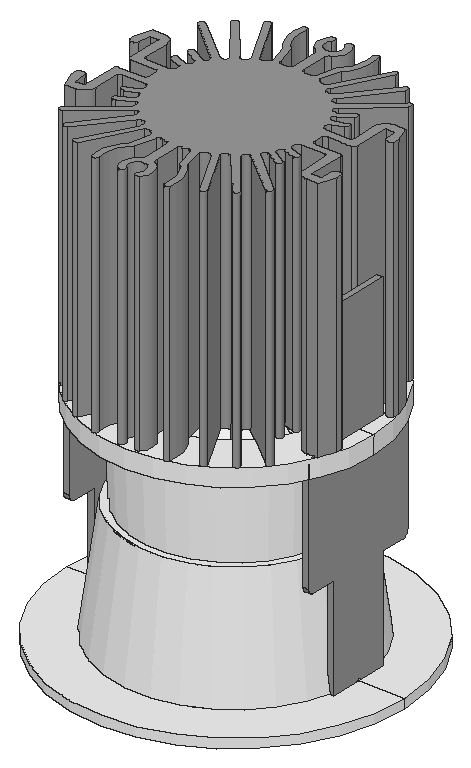
Revit family "Artemide_Everything_55", category Lighting Fixtures, Revit 2018 (continued)
Types (72, lengths in mm): name | Wattage | V_Square | V_Round | Radius_RoundVoidReal | Photometric Web File | built-in parameter 1150142 | M_Louvre | M_HousingLed | built-in parameter 1150105 | Lumens | built-in parameter 1150107 | built-in parameter 1150106 | Product Model Number | Overall Width | Overall Height | Output Lumens Direct light | Input Lumens Direct light | Initial Lumens | IES Files  | Housing Colour  | Face Shape | Efficiency | built-in parameter 1150104 | Distance_SquareVoidReal | Cut Out Length | Colour Temperature | Angle_LightReal | Angle_LightRange | Angle_Light | Adjustable
  Everything_55_Square_20°_2700K_Silver_NL4204218Y002 | 8.5 W | yes | no | 0.3 | "NL4204218Y002.IES" | "IESNA:LM-63-2002\r\n[TEST] FTS1602968\r\n[TESTLAB] ARTEMIDE\r\n[TESTDATE] 17 Feb 2015\r\n[ISSUEDATE] 17 Feb 2015\r\n[MANUFAC] ARTEMIDE\r\n[LUMCAT] NL4204218Y002\r\n[LUMINAIRE] Everything 55 700mA square20° - cornice grigia - 2700K\r\n[FLASHAREA] 0.000233\r\n[LAMPCAT] LED Flux=755lm  LED Power=8,5W Eff=84% EfcLed=89lm/W EfcLum=75lm/W CCT=2700K Ra=80 SDCM=2 L70(6K)=51400h\r\n[LAMP] LED Flux=755lm  LED Power=8,5W Eff=84% EfcLed=89lm/W EfcLum=75lm/W CCT=2700K Ra=80 SDCM=2 L70(6K)=51400h\r\nTILT=NONE\r\n1 634.00 1.0 91 1 1 2 -0.035 -0.035 0.000\r\n1.00 1.00 8.50\r\n0.00 1.00 2.00 3.00 4.00 5.00 6.00 7.00 8.00 9.00 10.00 \r\n11.00 12.00 13.00 14.00 15.00 16.00 17.00 18.00 19.00 \r\n20.00 21.00 22.00 23.00 24.00 25.00 26.00 27.00 28.00 \r\n29.00 30.00 31.00 32.00 33.00 34.00 35.00 36.00 37.00 \r\n38.00 39.00 40.00 41.00 42.00 43.00 44.00 45.00 46.00 \r\n47.00 48.00 49.00 50.00 51.00 52.00 53.00 54.00 55.00 \r\n56.00 57.00 58.00 59.00 60.00 61.00 62.00 63.00 64.00 \r\n65.00 66.00 67.00 68.00 69.00 70.00 71.00 72.00 73.00 \r\n74.00 75.00 76.00 77.00 78.00 79.00 80.00 81.00 82.00 \r\n83.00 84.00 85.00 86.00 87.00 88.00 89.00 90.00 \r\n0.00 \r\n5066.58 5031.07 4915.62 4728.60 4483.87 4201.78 3894.24 \r\n3567.20 3228.87 2880.19 2529.62 2181.85 1821.91 1479.63 \r\n1158.49 881.87 651.64 469.51 333.38 233.90 163.81 115.59 \r\n83.53 62.72 48.41 37.91 30.02 23.60 18.90 15.30 12.74 \r\n10.96 9.25 7.13 5.03 3.44 2.41 2.03 1.59 1.14 0.69 0.50 \r\n0.36 0.26 0.00 0.00 0.00 0.00 0.00 0.00 0.00 0.00 0.00 \r\n0.00 0.00 0.00 0.00 0.00 0.00 0.00 0.00 0.00 0.00 0.00 \r\n0.00 0.00 0.00 0.00 0.00 0.00 0.00 0.00 0.00 0.00 0.00 \r\n0.00 0.00 0.00 0.00 0.00 0.00 0.00 0.00 0.00 0.00 0.00 \r\n0.00 0.00 0.00 0.00 0.00 \r\n" | Artemide_Aluminum_BrushedSilver | Artemide_Aluminum_BrushedSilver | 53.605 (stored number, unit not read) | 673.625 lm | 2700 (stored number, unit not read) | 0.53605 (stored number, unit not read) | "NL4204218Y002" | 55 | 98 | 634 | 755 | 634 | "https://www.artemide.com/product/downloadFile/4350800/ieseu/4916436" | "Silver" | "Square" | 84 | 7.3626 (stored number, unit not read) | 40.48 | 98 | 2700 | 90.00° | 60.00° | 60.00° | no
  Everything_55_Square_34°_2700K_White_NL4204234Y006 | 8.5 W | yes | no | 0.3 | "NL4204234Y006.IES" | "IESNA:LM-63-2002\r\n[TEST] FTS1602967\r\n[TESTLAB] ARTEMIDE\r\n[TESTDATE] 17 Feb 2015\r\n[ISSUEDATE] 17 Feb 2015\r\n[MANUFAC] ARTEMIDE\r\n[LUMCAT] NL4204234Y006\r\n[LUMINAIRE] Everything 55 700mA square34° - cornice bianca - 2700K\r\n[FLASHAREA] 0.000233\r\n[LAMPCAT] LED Flux=755lm  LED Power=8,5W Eff=78% EfcLed=89lm/W EfcLum=69lm/W CCT=2700K Ra=80 SDCM=2 L70(6K)=51400h\r\n[LAMP] LED Flux=755lm  LED Power=8,5W Eff=78% EfcLed=89lm/W EfcLum=69lm/W CCT=2700K Ra=80 SDCM=2 L70(6K)=51400h\r\nTILT=NONE\r\n1 589.00 1.0 91 1 1 2 -0.035 -0.035 0.000\r\n1.00 1.00 8.50\r\n0.00 1.00 2.00 3.00 4.00 5.00 6.00 7.00 8.00 9.00 10.00 \r\n11.00 12.00 13.00 14.00 15.00 16.00 17.00 18.00 19.00 \r\n20.00 21.00 22.00 23.00 24.00 25.00 26.00 27.00 28.00 \r\n29.00 30.00 31.00 32.00 33.00 34.00 35.00 36.00 37.00 \r\n38.00 39.00 40.00 41.00 42.00 43.00 44.00 45.00 46.00 \r\n47.00 48.00 49.00 50.00 51.00 52.00 53.00 54.00 55.00 \r\n56.00 57.00 58.00 59.00 60.00 61.00 62.00 63.00 64.00 \r\n65.00 66.00 67.00 68.00 69.00 70.00 71.00 72.00 73.00 \r\n74.00 75.00 76.00 77.00 78.00 79.00 80.00 81.00 82.00 \r\n83.00 84.00 85.00 86.00 87.00 88.00 89.00 90.00 \r\n0.00 \r\n1657.71 1656.22 1649.84 1636.92 1617.68 1591.87 1559.63 \r\n1519.56 1472.54 1418.01 1358.35 1292.45 1221.23 1145.68 \r\n1067.70 988.91 908.99 830.74 758.71 688.37 619.27 553.74 \r\n488.92 428.14 368.82 313.24 261.80 215.07 168.29 123.76 \r\n93.21 74.07 60.04 49.49 40.45 33.19 26.64 21.11 16.62 \r\n12.99 10.45 8.95 7.94 6.93 6.45 5.97 5.73 5.49 5.08 4.67 \r\n4.35 4.04 3.98 3.93 3.88 3.77 3.34 2.75 2.37 1.99 1.77 \r\n1.51 1.32 0.00 0.00 0.00 0.00 0.00 0.00 0.00 0.00 0.00 \r\n0.00 0.00 0.00 0.00 0.00 0.00 0.00 0.00 0.00 0.00 0.00 \r\n0.00 0.00 0.00 0.00 0.00 0.00 0.00 0.00 \r\n" | Artemide_Aluminum_White | Artemide_Aluminum_White | 49.797 (stored number, unit not read) | 625.77 lm | 2700 (stored number, unit not read) | 0.49797 (stored number, unit not read) | "NL4204234Y006" | 55 | 98 | 589 | 755 | 589 | "https://www.artemide.com/product/downloadFile/4351008/ieseu/4916619" | "White" | "Square" | 78 | 6.8395 (stored number, unit not read) | 40.48 | 98 | 2700 | 90.00° | 60.00° | 60.00° | no
  Everything_55_Square_34°_2700K_Black_NL4204234Y004 | 8.5 W | yes | no | 0.3 | "NL4204234Y004.IES" | "IESNA:LM-63-2002\r\n[TEST] FTS1602971\r\n[TESTLAB] ARTEMIDE\r\n[TESTDATE] 16 Feb 2015\r\n[ISSUEDATE] 16 Feb 2015\r\n[MANUFAC] ARTEMIDE\r\n[LUMCAT] NL4204234Y004\r\n[LUMINAIRE] Everything 55 700mA square34° - cornice nera - 2700K\r\n[FLASHAREA] 0.000233\r\n[LAMPCAT] LED Flux=755lm  LED Power=8,5W Eff=75% EfcLed=89lm/W EfcLum=67lm/W CCT=2700K Ra=80 SDCM=2 L70(6K)=51400h\r\n[LAMP] LED Flux=755lm  LED Power=8,5W Eff=75% EfcLed=89lm/W EfcLum=67lm/W CCT=2700K Ra=80 SDCM=2 L70(6K)=51400h\r\nTILT=NONE\r\n1 566.00 1.0 91 1 1 2 -0.035 -0.035 0.000\r\n1.00 1.00 8.50\r\n0.00 1.00 2.00 3.00 4.00 5.00 6.00 7.00 8.00 9.00 10.00 \r\n11.00 12.00 13.00 14.00 15.00 16.00 17.00 18.00 19.00 \r\n20.00 21.00 22.00 23.00 24.00 25.00 26.00 27.00 28.00 \r\n29.00 30.00 31.00 32.00 33.00 34.00 35.00 36.00 37.00 \r\n38.00 39.00 40.00 41.00 42.00 43.00 44.00 45.00 46.00 \r\n47.00 48.00 49.00 50.00 51.00 52.00 53.00 54.00 55.00 \r\n56.00 57.00 58.00 59.00 60.00 61.00 62.00 63.00 64.00 \r\n65.00 66.00 67.00 68.00 69.00 70.00 71.00 72.00 73.00 \r\n74.00 75.00 76.00 77.00 78.00 79.00 80.00 81.00 82.00 \r\n83.00 84.00 85.00 86.00 87.00 88.00 89.00 90.00 \r\n0.00 \r\n1619.92 1616.59 1613.26 1602.38 1585.79 1562.82 1533.51 \r\n1496.10 1451.37 1398.36 1339.63 1275.17 1203.93 1129.84 \r\n1051.46 971.98 893.37 816.74 743.93 673.69 606.67 541.23 \r\n477.02 417.03 358.13 302.72 251.55 203.91 155.25 113.32 \r\n85.08 66.97 53.87 43.31 34.64 27.36 20.96 15.65 11.18 \r\n7.78 5.33 3.95 2.56 1.90 1.12 0.33 0.16 0.08 0.00 0.00 \r\n0.00 0.00 0.00 0.00 0.00 0.00 0.00 0.00 0.00 0.00 0.00 \r\n0.00 0.00 0.00 0.00 0.00 0.00 0.00 0.00 0.00 0.00 0.00 \r\n0.00 0.00 0.00 0.00 0.00 0.00 0.00 0.00 0.00 0.00 0.00 \r\n0.00 0.00 0.00 0.00 0.00 0.00 0.00 0.00 \r\n" | Artemide_Aluminum_Black | Artemide_Aluminum_Black | 47.856 (stored number, unit not read) | 601.375 lm | 2700 (stored number, unit not read) | 0.47856 (stored number, unit not read) | "NL4204234Y004" | 55 | 98 | 566 | 755 | 566 | "https://www.artemide.com/product/downloadFile/4351206/ieseu/4916930" | "Black" | "Square" | 75 | 6.5729 (stored number, unit not read) | 40.48 | 98 | 2700 | 90.00° | 60.00° | 60.00° | no
  Everything_55_Square_34°_2700K_Silver_NL4204234Y002 | 8.5 W | yes | no | 0.3 | "NL4204234Y002.IES" | "IESNA:LM-63-2002\r\n[TEST] FTS1602969\r\n[TESTLAB] ARTEMIDE\r\n[TESTDATE] 17 Feb 2015\r\n[ISSUEDATE] 17 Feb 2015\r\n[MANUFAC] ARTEMIDE\r\n[LUMCAT] NL4204234Y002\r\n[LUMINAIRE] Everything 55 700mA square34° - cornice grigia - 2700K\r\n[FLASHAREA] 0.000233\r\n[LAMPCAT] LED Flux=755lm  LED Power=8,5W Eff=77% EfcLed=89lm/W EfcLum=68lm/W CCT=2700K Ra=80 SDCM=2 L70(6K)=51400h\r\n[LAMP] LED Flux=755lm  LED Power=8,5W Eff=77% EfcLed=89lm/W EfcLum=68lm/W CCT=2700K Ra=80 SDCM=2 L70(6K)=51400h\r\nTILT=NONE\r\n1 581.00 1.0 91 1 1 2 -0.035 -0.035 0.000\r\n1.00 1.00 8.50\r\n0.00 1.00 2.00 3.00 4.00 5.00 6.00 7.00 8.00 9.00 10.00 \r\n11.00 12.00 13.00 14.00 15.00 16.00 17.00 18.00 19.00 \r\n20.00 21.00 22.00 23.00 24.00 25.00 26.00 27.00 28.00 \r\n29.00 30.00 31.00 32.00 33.00 34.00 35.00 36.00 37.00 \r\n38.00 39.00 40.00 41.00 42.00 43.00 44.00 45.00 46.00 \r\n47.00 48.00 49.00 50.00 51.00 52.00 53.00 54.00 55.00 \r\n56.00 57.00 58.00 59.00 60.00 61.00 62.00 63.00 64.00 \r\n65.00 66.00 67.00 68.00 69.00 70.00 71.00 72.00 73.00 \r\n74.00 75.00 76.00 77.00 78.00 79.00 80.00 81.00 82.00 \r\n83.00 84.00 85.00 86.00 87.00 88.00 89.00 90.00 \r\n0.00 \r\n1653.65 1652.41 1645.54 1632.59 1613.36 1588.06 1555.63 \r\n1515.60 1468.91 1413.79 1353.80 1287.95 1216.33 1141.09 \r\n1061.78 981.55 904.21 827.43 753.50 682.87 615.86 550.15 \r\n485.55 425.47 366.46 311.02 259.90 208.46 158.69 118.67 \r\n90.32 72.40 58.98 48.43 39.54 32.05 25.60 20.22 15.51 \r\n11.99 9.35 7.63 6.15 5.55 4.95 4.46 4.20 3.82 3.44 2.96 \r\n2.54 2.26 1.98 1.84 1.69 1.31 0.86 0.00 0.00 0.00 0.00 \r\n0.00 0.00 0.00 0.00 0.00 0.00 0.00 0.00 0.00 0.00 0.00 \r\n0.00 0.00 0.00 0.00 0.00 0.00 0.00 0.00 0.00 0.00 0.00 \r\n0.00 0.00 0.00 0.00 0.00 0.00 0.00 0.00 \r\n" | Artemide_Aluminum_BrushedSilver | Artemide_Aluminum_BrushedSilver | 49.128 (stored number, unit not read) | 617.355 lm | 2700 (stored number, unit not read) | 0.49128 (stored number, unit not read) | "NL4204234Y002" | 55 | 98 | 581 | 755 | 581 | "https://www.artemide.com/product/downloadFile/4351404/ieseu/4917111" | "Silver" | "Square" | 77 | 6.7475 (stored number, unit not read) | 40.48 | 98 | 2700 | 90.00° | 60.00° | 60.00° | no
  Everything_55_Square_Adj_20°_2700K_White_NL4203218Y006 | 6.4 W | yes | no | 0.3 | "NL4203218Y006.IES" | "IESNA:LM-63-2002\r\n[TEST] FTS1602954\r\n[TESTLAB] ARTEMIDE\r\n[TESTDATE] 17 Feb 2015\r\n[ISSUEDATE] 17 Feb 2015\r\n[MANUFAC] ARTEMIDE\r\n[LUMCAT] NL4203218Y006\r\n[LUMINAIRE] Everything 55 square adjustable 20° - cornice bianca - 2700K\r\n[FLASHAREA] 0.000233\r\n[LAMPCAT] LED Flux=566lm  LED Power=6,4W Eff=84% EfcLed=88lm/W EfcLum=74lm/W CCT=2700K Ra=80 SDCM=2 L70(6K)=51400h\r\n[LAMP] LED Flux=566lm  LED Power=6,4W Eff=84% EfcLed=88lm/W EfcLum=74lm/W CCT=2700K Ra=80 SDCM=2 L70(6K)=51400h\r\nTILT=NONE\r\n1 476.00 1.0 91 1 1 2 -0.035 -0.035 0.000\r\n1.00 1.00 6.40\r\n0.00 1.00 2.00 3.00 4.00 5.00 6.00 7.00 8.00 9.00 10.00 \r\n11.00 12.00 13.00 14.00 15.00 16.00 17.00 18.00 19.00 \r\n20.00 21.00 22.00 23.00 24.00 25.00 26.00 27.00 28.00 \r\n29.00 30.00 31.00 32.00 33.00 34.00 35.00 36.00 37.00 \r\n38.00 39.00 40.00 41.00 42.00 43.00 44.00 45.00 46.00 \r\n47.00 48.00 49.00 50.00 51.00 52.00 53.00 54.00 55.00 \r\n56.00 57.00 58.00 59.00 60.00 61.00 62.00 63.00 64.00 \r\n65.00 66.00 67.00 68.00 69.00 70.00 71.00 72.00 73.00 \r\n74.00 75.00 76.00 77.00 78.00 79.00 80.00 81.00 82.00 \r\n83.00 84.00 85.00 86.00 87.00 88.00 89.00 90.00 \r\n0.00 \r\n3835.70 3811.54 3722.97 3579.25 3390.25 3174.12 2937.36 \r\n2687.47 2432.02 2169.98 1904.67 1634.92 1363.71 1105.36 \r\n867.10 658.58 485.13 347.55 245.55 171.43 120.13 84.52 \r\n61.07 45.79 35.35 27.74 21.95 17.26 13.97 11.31 9.45 8.19 \r\n6.85 5.52 3.76 2.54 2.07 1.80 1.57 1.29 1.02 0.77 0.62 \r\n0.00 0.00 0.00 0.00 0.00 0.00 0.00 0.00 0.00 0.00 0.00 \r\n0.00 0.00 0.00 0.00 0.00 0.00 0.00 0.00 0.00 0.00 0.00 \r\n0.00 0.00 0.00 0.00 0.00 0.00 0.00 0.00 0.00 0.00 0.00 \r\n0.00 0.00 0.00 0.00 0.00 0.00 0.00 0.00 0.00 0.00 0.00 \r\n0.00 0.00 0.00 0.00 \r\n" | Artemide_Aluminum_White | Artemide_Aluminum_White | 40.402 (stored number, unit not read) | 507.712 lm | 2700 (stored number, unit not read) | 0.40402 (stored number, unit not read) | "NL4203218Y006" | 55 | 82 | 476 | 566 | 476 | "https://www.artemide.com/product/downloadFile/4351602/ieseu/4916756" | "White" | "Square" | 84 | 7.37 (stored number, unit not read) | 40.48 | 82 | 2700 | 60.00° | 60.00° | 60.00° | yes
  Everything_55_Square_Adj_20°_2700K_Black_NL4203218Y004 | 6.4 W | yes | no | 0.3 | "NL4203218Y004.IES" | "IESNA:LM-63-2002\r\n[TEST] FTS1602958\r\n[TESTLAB] ARTEMIDE\r\n[TESTDATE] 17 Feb 2015\r\n[ISSUEDATE] 17 Feb 2015\r\n[MANUFAC] ARTEMIDE\r\n[LUMCAT] NL4203218Y004\r\n[LUMINAIRE] Everything 55 square adjustable 20° - cornice nera - 2700K\r\n[FLASHAREA] 0.000233\r\n[LAMPCAT] LED Flux=566lm  LED Power=6,4W Eff=84% EfcLed=88lm/W EfcLum=74lm/W CCT=2700K Ra=80 SDCM=2 L70(6K)=51400h\r\n[LAMP] LED Flux=566lm  LED Power=6,4W Eff=84% EfcLed=88lm/W EfcLum=74lm/W CCT=2700K Ra=80 SDCM=2 L70(6K)=51400h\r\nTILT=NONE\r\n1 476.00 1.0 91 1 1 2 -0.035 -0.035 0.000\r\n1.00 1.00 6.40\r\n0.00 1.00 2.00 3.00 4.00 5.00 6.00 7.00 8.00 9.00 10.00 \r\n11.00 12.00 13.00 14.00 15.00 16.00 17.00 18.00 19.00 \r\n20.00 21.00 22.00 23.00 24.00 25.00 26.00 27.00 28.00 \r\n29.00 30.00 31.00 32.00 33.00 34.00 35.00 36.00 37.00 \r\n38.00 39.00 40.00 41.00 42.00 43.00 44.00 45.00 46.00 \r\n47.00 48.00 49.00 50.00 51.00 52.00 53.00 54.00 55.00 \r\n56.00 57.00 58.00 59.00 60.00 61.00 62.00 63.00 64.00 \r\n65.00 66.00 67.00 68.00 69.00 70.00 71.00 72.00 73.00 \r\n74.00 75.00 76.00 77.00 78.00 79.00 80.00 81.00 82.00 \r\n83.00 84.00 85.00 86.00 87.00 88.00 89.00 90.00 \r\n0.00 \r\n3804.41 3779.31 3694.65 3555.82 3372.96 3163.70 2936.04 \r\n2691.09 2438.59 2176.71 1913.39 1645.46 1372.95 1115.63 \r\n874.60 665.28 491.52 352.56 249.13 173.83 121.32 85.07 \r\n60.84 45.29 34.43 26.66 20.72 15.85 12.46 9.87 7.98 6.60 \r\n5.31 3.63 2.13 0.79 0.41 0.20 0.10 0.00 0.00 0.00 0.00 \r\n0.00 0.00 0.00 0.00 0.00 0.00 0.00 0.00 0.00 0.00 0.00 \r\n0.00 0.00 0.00 0.00 0.00 0.00 0.00 0.00 0.00 0.00 0.00 \r\n0.00 0.00 0.00 0.00 0.00 0.00 0.00 0.00 0.00 0.00 0.00 \r\n0.00 0.00 0.00 0.00 0.00 0.00 0.00 0.00 0.00 0.00 0.00 \r\n0.00 0.00 0.00 0.00 \r\n" | Artemide_Aluminum_Black | Artemide_Aluminum_Black | 40.402 (stored number, unit not read) | 507.712 lm | 2700 (stored number, unit not read) | 0.40402 (stored number, unit not read) | "NL4203218Y004" | 55 | 82 | 476 | 566 | 476 | "https://www.artemide.com/product/downloadFile/4351800/ieseu/4917138" | "Black" | "Square" | 84 | 7.37 (stored number, unit not read) | 40.48 | 82 | 2700 | 60.00° | 60.00° | 60.00° | yes
  Everything_55_Square_Adj_20°_2700K_Silver_NL4203218Y002 | 6.4 W | yes | no | 0.3 | "NL4203218Y002.IES" | "IESNA:LM-63-2002\r\n[TEST] FTS1602956\r\n[TESTLAB] ARTEMIDE\r\n[TESTDATE] 17 Feb 2015\r\n[ISSUEDATE] 17 Feb 2015\r\n[MANUFAC] ARTEMIDE\r\n[LUMCAT] NL4203218Y002\r\n[LUMINAIRE] Everything 55 square adjustable 20° - cornice grigia - 2700K\r\n[FLASHAREA] 0.000233\r\n[LAMPCAT] LED Flux=566lm  LED Power=6,4W Eff=84% EfcLed=88lm/W EfcLum=74lm/W CCT=2700K Ra=80 SDCM=2 L70(6K)=51400h\r\n[LAMP] LED Flux=566lm  LED Power=6,4W Eff=84% EfcLed=88lm/W EfcLum=74lm/W CCT=2700K Ra=80 SDCM=2 L70(6K)=51400h\r\nTILT=NONE\r\n1 476.00 1.0 91 1 1 2 -0.035 -0.035 0.000\r\n1.00 1.00 6.40\r\n0.00 1.00 2.00 3.00 4.00 5.00 6.00 7.00 8.00 9.00 10.00 \r\n11.00 12.00 13.00 14.00 15.00 16.00 17.00 18.00 19.00 \r\n20.00 21.00 22.00 23.00 24.00 25.00 26.00 27.00 28.00 \r\n29.00 30.00 31.00 32.00 33.00 34.00 35.00 36.00 37.00 \r\n38.00 39.00 40.00 41.00 42.00 43.00 44.00 45.00 46.00 \r\n47.00 48.00 49.00 50.00 51.00 52.00 53.00 54.00 55.00 \r\n56.00 57.00 58.00 59.00 60.00 61.00 62.00 63.00 64.00 \r\n65.00 66.00 67.00 68.00 69.00 70.00 71.00 72.00 73.00 \r\n74.00 75.00 76.00 77.00 78.00 79.00 80.00 81.00 82.00 \r\n83.00 84.00 85.00 86.00 87.00 88.00 89.00 90.00 \r\n0.00 \r\n3803.93 3777.27 3690.60 3550.18 3366.44 3154.65 2923.75 \r\n2678.21 2424.20 2162.42 1899.21 1638.11 1367.87 1110.89 \r\n869.78 662.10 489.25 352.51 250.30 175.61 122.98 86.78 \r\n62.72 47.09 36.35 28.46 22.54 17.72 14.19 11.49 9.56 8.23 \r\n6.95 5.35 3.78 2.58 1.81 1.53 1.19 0.85 0.52 0.37 0.27 \r\n0.20 0.00 0.00 0.00 0.00 0.00 0.00 0.00 0.00 0.00 0.00 \r\n0.00 0.00 0.00 0.00 0.00 0.00 0.00 0.00 0.00 0.00 0.00 \r\n0.00 0.00 0.00 0.00 0.00 0.00 0.00 0.00 0.00 0.00 0.00 \r\n0.00 0.00 0.00 0.00 0.00 0.00 0.00 0.00 0.00 0.00 0.00 \r\n0.00 0.00 0.00 0.00 \r\n" | Artemide_Aluminum_BrushedSilver | Artemide_Aluminum_BrushedSilver | 40.402 (stored number, unit not read) | 507.712 lm | 2700 (stored number, unit not read) | 0.40402 (stored number, unit not read) | "NL4203218Y002" | 55 | 82 | 476 | 566 | 476 | "https://www.artemide.com/product/downloadFile/4351998/ieseu/4917114" | "Silver" | "Square" | 84 | 7.37 (stored number, unit not read) | 40.48 | 82 | 2700 | 60.00° | 60.00° | 60.00° | yes
  Everything_55_Square_Adj_34°_2700K_White_NL4203234Y006 | 6.4 W | yes | no | 0.3 | "NL4203234Y006.IES" | "IESNA:LM-63-2002\r\n[TEST] FTS1602955\r\n[TESTLAB] ARTEMIDE\r\n[TESTDATE] 17 Feb 2015\r\n[ISSUEDATE] 17 Feb 2015\r\n[MANUFAC] ARTEMIDE\r\n[LUMCAT] NL4203234Y006\r\n[LUMINAIRE] Everything 55 square adjustable 34° - cornice bianca - 2700K\r\n[FLASHAREA] 0.000233\r\n[LAMPCAT] LED Flux=566lm  LED Power=6,4W Eff=78% EfcLed=88lm/W EfcLum=69lm/W CCT=2700K Ra=80 SDCM=2 L70(6K)=51400h\r\n[LAMP] LED Flux=566lm  LED Power=6,4W Eff=78% EfcLed=88lm/W EfcLum=69lm/W CCT=2700K Ra=80 SDCM=2 L70(6K)=51400h\r\nTILT=NONE\r\n1 442.00 1.0 91 1 1 2 -0.035 -0.035 0.000\r\n1.00 1.00 6.40\r\n0.00 1.00 2.00 3.00 4.00 5.00 6.00 7.00 8.00 9.00 10.00 \r\n11.00 12.00 13.00 14.00 15.00 16.00 17.00 18.00 19.00 \r\n20.00 21.00 22.00 23.00 24.00 25.00 26.00 27.00 28.00 \r\n29.00 30.00 31.00 32.00 33.00 34.00 35.00 36.00 37.00 \r\n38.00 39.00 40.00 41.00 42.00 43.00 44.00 45.00 46.00 \r\n47.00 48.00 49.00 50.00 51.00 52.00 53.00 54.00 55.00 \r\n56.00 57.00 58.00 59.00 60.00 61.00 62.00 63.00 64.00 \r\n65.00 66.00 67.00 68.00 69.00 70.00 71.00 72.00 73.00 \r\n74.00 75.00 76.00 77.00 78.00 79.00 80.00 81.00 82.00 \r\n83.00 84.00 85.00 86.00 87.00 88.00 89.00 90.00 \r\n0.00 \r\n1243.99 1242.87 1238.08 1228.38 1213.95 1194.58 1170.39 \r\n1140.32 1105.03 1064.11 1019.34 969.89 916.44 859.74 \r\n801.23 742.10 682.13 623.41 569.35 516.57 464.71 415.54 \r\n366.89 321.28 276.77 235.06 196.46 161.39 126.29 92.87 \r\n69.95 55.58 45.06 37.14 30.36 24.91 19.99 15.84 12.47 \r\n9.75 7.84 6.72 5.96 5.20 4.84 4.48 4.30 4.12 3.81 3.51 \r\n3.27 3.03 2.99 2.95 2.91 2.83 2.51 2.06 1.78 1.49 1.33 \r\n1.13 0.99 0.00 0.00 0.00 0.00 0.00 0.00 0.00 0.00 0.00 \r\n0.00 0.00 0.00 0.00 0.00 0.00 0.00 0.00 0.00 0.00 0.00 \r\n0.00 0.00 0.00 0.00 0.00 0.00 0.00 0.00 \r\n" | Artemide_Aluminum_White | Artemide_Aluminum_White | 37.011 (stored number, unit not read) | 465.088 lm | 2700 (stored number, unit not read) | 0.37011 (stored number, unit not read) | "NL4203234Y006" | 55 | 82 | 442 | 566 | 442 | "https://www.artemide.com/product/downloadFile/4352196/ieseu/4916640" | "White" | "Square" | 77 | 6.7513 (stored number, unit not read) | 40.48 | 82 | 2700 | 60.00° | 60.00° | 60.00° | yes
  Everything_55_Square_Adj_34°_2700K_Black_NL4203234Y004 | 6.4 W | yes | no | 0.3 | "NL4203234Y004.IES" | "IESNA:LM-63-2002\r\n[TEST] FTS1602959\r\n[TESTLAB] ARTEMIDE\r\n[TESTDATE] 16 Feb 2015\r\n[ISSUEDATE] 16 Feb 2015\r\n[MANUFAC] ARTEMIDE\r\n[LUMCAT] NL4203234Y004\r\n[LUMINAIRE] Everything 55 square adjustable 34° - cornice nera - 2700K\r\n[FLASHAREA] 0.000233\r\n[LAMPCAT] LED Flux=566lm  LED Power=6,4W Eff=75% EfcLed=88lm/W EfcLum=66lm/W CCT=2700K Ra=80 SDCM=2 L70(6K)=51400h\r\n[LAMP] LED Flux=566lm  LED Power=6,4W Eff=75% EfcLed=88lm/W EfcLum=66lm/W CCT=2700K Ra=80 SDCM=2 L70(6K)=51400h\r\nTILT=NONE\r\n1 425.00 1.0 91 1 1 2 -0.035 -0.035 0.000\r\n1.00 1.00 6.40\r\n0.00 1.00 2.00 3.00 4.00 5.00 6.00 7.00 8.00 9.00 10.00 \r\n11.00 12.00 13.00 14.00 15.00 16.00 17.00 18.00 19.00 \r\n20.00 21.00 22.00 23.00 24.00 25.00 26.00 27.00 28.00 \r\n29.00 30.00 31.00 32.00 33.00 34.00 35.00 36.00 37.00 \r\n38.00 39.00 40.00 41.00 42.00 43.00 44.00 45.00 46.00 \r\n47.00 48.00 49.00 50.00 51.00 52.00 53.00 54.00 55.00 \r\n56.00 57.00 58.00 59.00 60.00 61.00 62.00 63.00 64.00 \r\n65.00 66.00 67.00 68.00 69.00 70.00 71.00 72.00 73.00 \r\n74.00 75.00 76.00 77.00 78.00 79.00 80.00 81.00 82.00 \r\n83.00 84.00 85.00 86.00 87.00 88.00 89.00 90.00 \r\n0.00 \r\n1216.37 1213.87 1211.37 1203.20 1190.75 1173.50 1151.49 \r\n1123.39 1089.81 1050.01 1005.91 957.51 904.01 848.38 \r\n789.52 729.84 670.82 613.28 558.60 505.86 455.53 406.40 \r\n358.19 313.14 268.91 227.31 188.89 153.11 116.57 85.09 \r\n63.89 50.28 40.45 32.52 26.01 20.55 15.74 11.75 8.40 5.84 \r\n4.00 2.96 1.93 1.43 0.84 0.25 0.12 0.06 0.00 0.00 0.00 \r\n0.00 0.00 0.00 0.00 0.00 0.00 0.00 0.00 0.00 0.00 0.00 \r\n0.00 0.00 0.00 0.00 0.00 0.00 0.00 0.00 0.00 0.00 0.00 \r\n0.00 0.00 0.00 0.00 0.00 0.00 0.00 0.00 0.00 0.00 0.00 \r\n0.00 0.00 0.00 0.00 0.00 0.00 0.00 \r\n" | Artemide_Aluminum_Black | Artemide_Aluminum_Black | 37.011 (stored number, unit not read) | 465.088 lm | 2700 (stored number, unit not read) | 0.37011 (stored number, unit not read) | "NL4203234Y004" | 55 | 82 | 425 | 566 | 425 | "https://www.artemide.com/product/downloadFile/4352394/ieseu/4916743" | "Black" | "Square" | 77 | 6.7513 (stored number, unit not read) | 40.48 | 82 | 2700 | 60.00° | 60.00° | 60.00° | yes
  Everything_55_Square_Adj_34°_2700K_Silver_NL4203234Y002 | 6.4 W | yes | no | 0.3 | "NL4203234Y002.IES" | "IESNA:LM-63-2002\r\n[TEST] FTS1602957\r\n[TESTLAB] ARTEMIDE\r\n[TESTDATE] 17 Feb 2015\r\n[ISSUEDATE] 17 Feb 2015\r\n[MANUFAC] ARTEMIDE\r\n[LUMCAT] NL4203234Y002\r\n[LUMINAIRE] Everything 55 square adjustable 34° - cornice grigia - 2700K\r\n[FLASHAREA] 0.000233\r\n[LAMPCAT] LED Flux=566lm  LED Power=6,4W Eff=77% EfcLed=88lm/W EfcLum=68lm/W CCT=2700K Ra=80 SDCM=2 L70(6K)=51400h\r\n[LAMP] LED Flux=566lm  LED Power=6,4W Eff=77% EfcLed=88lm/W EfcLum=68lm/W CCT=2700K Ra=80 SDCM=2 L70(6K)=51400h\r\nTILT=NONE\r\n1 436.00 1.0 91 1 1 2 -0.035 -0.035 0.000\r\n1.00 1.00 6.40\r\n0.00 1.00 2.00 3.00 4.00 5.00 6.00 7.00 8.00 9.00 10.00 \r\n11.00 12.00 13.00 14.00 15.00 16.00 17.00 18.00 19.00 \r\n20.00 21.00 22.00 23.00 24.00 25.00 26.00 27.00 28.00 \r\n29.00 30.00 31.00 32.00 33.00 34.00 35.00 36.00 37.00 \r\n38.00 39.00 40.00 41.00 42.00 43.00 44.00 45.00 46.00 \r\n47.00 48.00 49.00 50.00 51.00 52.00 53.00 54.00 55.00 \r\n56.00 57.00 58.00 59.00 60.00 61.00 62.00 63.00 64.00 \r\n65.00 66.00 67.00 68.00 69.00 70.00 71.00 72.00 73.00 \r\n74.00 75.00 76.00 77.00 78.00 79.00 80.00 81.00 82.00 \r\n83.00 84.00 85.00 86.00 87.00 88.00 89.00 90.00 \r\n0.00 \r\n1240.95 1240.02 1234.86 1225.15 1210.71 1191.73 1167.39 \r\n1137.35 1102.31 1060.95 1015.93 966.51 912.77 856.31 \r\n796.79 736.59 678.55 620.93 565.45 512.44 462.16 412.85 \r\n364.37 319.29 275.00 233.40 195.04 156.43 119.09 89.05 \r\n67.78 54.33 44.26 36.34 29.67 24.05 19.21 15.18 11.64 \r\n9.00 7.01 5.73 4.62 4.16 3.71 3.35 3.15 2.86 2.58 2.22 \r\n1.91 1.70 1.49 1.38 1.27 0.99 0.65 0.00 0.00 0.00 0.00 \r\n0.00 0.00 0.00 0.00 0.00 0.00 0.00 0.00 0.00 0.00 0.00 \r\n0.00 0.00 0.00 0.00 0.00 0.00 0.00 0.00 0.00 0.00 0.00 \r\n0.00 0.00 0.00 0.00 0.00 0.00 0.00 0.00 \r\n" | Artemide_Aluminum_BrushedSilver | Artemide_Aluminum_BrushedSilver | 37.011 (stored number, unit not read) | 465.088 lm | 2700 (stored number, unit not read) | 0.37011 (stored number, unit not read) | "NL4203234Y002" | 55 | 82 | 436 | 566 | 436 | "https://www.artemide.com/product/downloadFile/4352592/ieseu/4916510" | "Silver" | "Square" | 77 | 6.7513 (stored number, unit not read) | 40.48 | 82 | 2700 | 60.00° | 60.00° | 60.00° | yes
  Everything_55_Round_20°_2700K_Black_NL4203518Y004 | 6.4 W | no | yes | 22.5 | "NL4203518Y004.IES" | "IESNA:LM-63-2002\r\n[TEST] FTS1602934\r\n[TESTLAB] ARTEMIDE\r\n[TESTDATE] 17 Feb 2015\r\n[ISSUEDATE] 17 Feb 2015\r\n[MANUFAC] ARTEMIDE\r\n[LUMCAT] NL4203518Y004\r\n[LUMINAIRE] Everything 55 round 20° - cornice nera - 2700K\r\n[FLASHAREA] 0.000233\r\n[LAMPCAT] LED Flux=566lm  LED Power=6,4W Eff=84% EfcLed=88lm/W EfcLum=74lm/W CCT=2700K Ra=80 SDCM=2 L70(6K)=51400h\r\n[LAMP] LED Flux=566lm  LED Power=6,4W Eff=84% EfcLed=88lm/W EfcLum=74lm/W CCT=2700K Ra=80 SDCM=2 L70(6K)=51400h\r\nTILT=NONE\r\n1 476.00 1.0 91 1 1 2 -0.035 -0.035 0.000\r\n1.00 1.00 6.40\r\n0.00 1.00 2.00 3.00 4.00 5.00 6.00 7.00 8.00 9.00 10.00 \r\n11.00 12.00 13.00 14.00 15.00 16.00 17.00 18.00 19.00 \r\n20.00 21.00 22.00 23.00 24.00 25.00 26.00 27.00 28.00 \r\n29.00 30.00 31.00 32.00 33.00 34.00 35.00 36.00 37.00 \r\n38.00 39.00 40.00 41.00 42.00 43.00 44.00 45.00 46.00 \r\n47.00 48.00 49.00 50.00 51.00 52.00 53.00 54.00 55.00 \r\n56.00 57.00 58.00 59.00 60.00 61.00 62.00 63.00 64.00 \r\n65.00 66.00 67.00 68.00 69.00 70.00 71.00 72.00 73.00 \r\n74.00 75.00 76.00 77.00 78.00 79.00 80.00 81.00 82.00 \r\n83.00 84.00 85.00 86.00 87.00 88.00 89.00 90.00 \r\n0.00 \r\n3804.41 3779.31 3694.65 3555.82 3372.96 3163.70 2936.04 \r\n2691.09 2438.59 2176.71 1913.39 1645.46 1372.95 1115.63 \r\n874.60 665.28 491.52 352.56 249.13 173.83 121.32 85.07 \r\n60.84 45.29 34.43 26.66 20.72 15.85 12.46 9.87 7.98 6.60 \r\n5.31 3.63 2.13 0.79 0.41 0.20 0.10 0.00 0.00 0.00 0.00 \r\n0.00 0.00 0.00 0.00 0.00 0.00 0.00 0.00 0.00 0.00 0.00 \r\n0.00 0.00 0.00 0.00 0.00 0.00 0.00 0.00 0.00 0.00 0.00 \r\n0.00 0.00 0.00 0.00 0.00 0.00 0.00 0.00 0.00 0.00 0.00 \r\n0.00 0.00 0.00 0.00 0.00 0.00 0.00 0.00 0.00 0.00 0.00 \r\n0.00 0.00 0.00 0.00 \r\n" | Artemide_Aluminum_Black | Artemide_Aluminum_Black | 40.402 (stored number, unit not read) | 507.712 lm | 2700 (stored number, unit not read) | 0.40402 (stored number, unit not read) | "NL4203518Y004" | 0 | 78 | 476 | 566 | 476 | "https://www.artemide.com/product/downloadFile/4344657/ieseu/4917176" | "Black" | "Round" | 84 | 7.37 (stored number, unit not read) | 0.8 | 78 | 2700 | 90.00° | 60.00° | 60.00° | no
